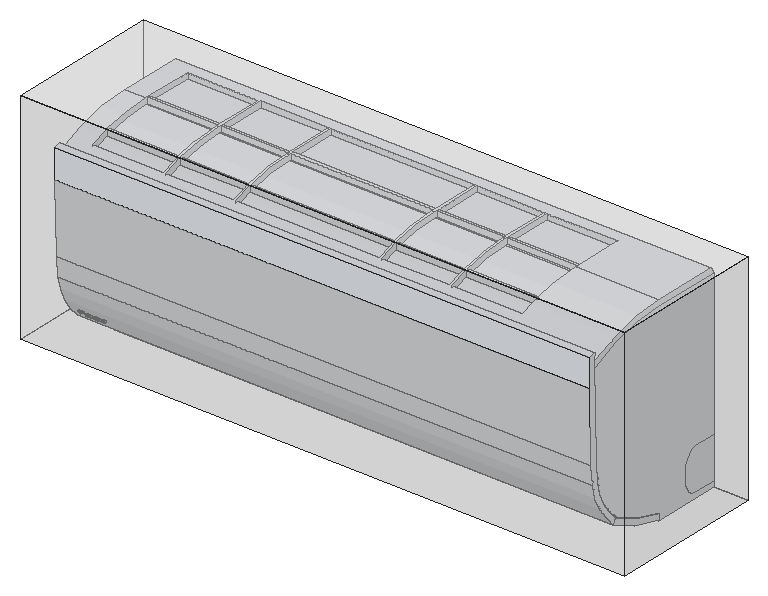
Revit family "outputfile", category 機械設備, Revit 2024
Family settings
  丸型コネクタ寸法 = 半径を使用
  パーツ タイプ = 標準
  OmniClass 番号 = 23.75.10.24.21.27.27
  OmniClass タイトル = Split System Air Conditioning Units
  作業面ベース = いいえ
  常に垂直 = はい
  ロード時にボイドで切り取り = いいえ
  注釈の向きを維持 = いいえ
  共有 = いいえ
  部屋計算ポイント = いいえ
Parameters (values of type "FTKQ60TVM")
  Description = ""
  書き出し IFC クラス(タイプ) = "IfcUnitaryEquipmentType"
  定義済み IFC タイプ(タイプ) = "AIRCONDITIONINGUNIT"
  Cost = 0
  Type Comments = ""
  Keynote = ""
  Type Image = (empty or 0)
  Assembly Code = ""
  w_wall hole = if(Width = 770.0 mm, 48.0 mm, 60.0 mm)  # 48.0 mm
  製造元 = "Daikin"
  モデル = "FTKQ60TVM"
  switch_frequency = yes
  r_Liquid Pipe Size = Liquid Pipe Size / 2  # 3.2 mm
  r_Gas Pipe Size = Gas Pipe Size / 2  # 6.35 mm
  r_Drain Pipe Size = Drain Pipe Size / 2  # 8.0 mm
  lw_powersupply [instance] = if(Width = 770.0 mm, if(or(Rear Right Connection_refrigerant, Bottom Right Connection_refrigerant), 25.0 mm, if(or(Rear Left Connection_refrigerant, Bottom Left Connection_refrigerant), 745.0 mm, 400.0 mm)), if(Width = 990.0 mm, if(or(Rear Right Connection_refrigerant, Bottom Right Connection_refrigerant), 40.0 mm, if(or(Rear Left Connection_refrigerant, Bottom Left Connection_refrigerant), 920.0 mm, 400.0 mm)), if(or(Rear Right Connection_refrigerant, Bottom Right Connection_refrigerant), 40.0 mm, if(or(Rear Left Connection_refrigerant, Bottom Left Connection_refrigerant), 920.0 mm, 400.0 mm))))  # 400.0 mm
  lw_liquidpipe [instance] = if(Width = 770.0 mm, if(or(Rear Right Connection_refrigerant, Bottom Right Connection_refrigerant), 0.0 mm, if(or(Rear Left Connection_refrigerant, Bottom Left Connection_refrigerant), 664.0 mm, 385.0 mm)), if(Width = 990.0 mm, if(or(Rear Right Connection_refrigerant, Bottom Right Connection_refrigerant), 0.0 mm, if(or(Rear Left Connection_refrigerant, Bottom Left Connection_refrigerant), 664.0 mm + (990.0 mm - 770.0 mm), 475.0 mm)), if(or(Rear Right Connection_refrigerant, Bottom Right Connection_refrigerant), 0.0 mm, if(or(Rear Left Connection_refrigerant, Bottom Left Connection_refrigerant), 664.0 mm + (990.0 mm - 770.0 mm), 475.0 mm))))  # 385.0 mm
  lw_gaspipe [instance] = if(Width = 770.0 mm, if(or(Rear Right Connection_refrigerant, Bottom Right Connection_refrigerant), 0.0 mm, if(or(Rear Left Connection_refrigerant, Bottom Left Connection_refrigerant), 675.0 mm, if(Gas Pipe Size = 12.7 mm, 345.0 mm, 335.0 mm))), if(Width = 990.0 mm, if(or(Rear Right Connection_refrigerant, Bottom Right Connection_refrigerant), 10.0 mm, if(or(Rear Left Connection_refrigerant, Bottom Left Connection_refrigerant), 890.0 mm, if(Gas Pipe Size = 15.9 mm, 410.0 mm, 400.0 mm))), if(or(Rear Right Connection_refrigerant, Bottom Right Connection_refrigerant), 10.0 mm, if(or(Rear Left Connection_refrigerant, Bottom Left Connection_refrigerant), 890.0 mm, if(Gas Pipe Size = 15.9 mm, 410.0 mm, 400.0 mm)))))  # 345.0 mm
  lw_drainpipe [instance] = if(Width = 770.0 mm, if(or(Rear Right Connection_refrigerant, Bottom Right Connection_refrigerant), 0.0 mm, if(or(Rear Left Connection_refrigerant, Bottom Left Connection_refrigerant), 770.0 mm - 48.0 mm - 48.0 mm, 440.0 mm)), if(Width = 990.0 mm, if(or(Rear Right Connection_refrigerant, Bottom Right Connection_refrigerant), 0.0 mm, if(or(Rear Left Connection_refrigerant, Bottom Left Connection_refrigerant), 675.0 mm + (990.0 mm - 770.0 mm), 435.0 mm)), if(or(Rear Right Connection_refrigerant, Bottom Right Connection_refrigerant), 0.0 mm, if(or(Rear Left Connection_refrigerant, Bottom Left Connection_refrigerant), 675.0 mm + (990.0 mm - 770.0 mm), 435.0 mm))))  # 440.0 mm
  l_powersupply_length [instance] = if(Width = 770.0 mm, if(Right Connection_refrigerant, 400.0 mm, if(Left Connection_refrigerant, 770.0 mm - 400.0 mm, if(or(Rear Left Connection_refrigerant, Rear Right Connection_refrigerant), 15.0 mm, 40.0 mm))), if(Width = 990.0 mm, if(Right Connection_refrigerant, 400.0 mm, if(Left Connection_refrigerant, 990.0 mm - 400.0 mm, if(or(Rear Left Connection_refrigerant, Rear Right Connection_refrigerant), 15.0 mm, 40.0 mm))), if(Right Connection_refrigerant, 400.0 mm, if(Left Connection_refrigerant, 990.0 mm - 400.0 mm, if(or(Rear Left Connection_refrigerant, Rear Right Connection_refrigerant), 15.0 mm, 40.0 mm)))))  # 400.0 mm
  l_liquidpipe_length [instance] = if(Width = 770.0 mm, if(Right Connection_refrigerant, 433.0 mm, if(Left Connection_refrigerant, 337.0 mm, if(or(Rear Left Connection_refrigerant, Rear Right Connection_refrigerant), 30.0 mm, 50.0 mm))), if(Width = 990.0 mm, if(Right Connection_refrigerant, 535.0 mm, if(Left Connection_refrigerant, 455.0 mm, if(or(Rear Left Connection_refrigerant, Rear Right Connection_refrigerant), 30.0 mm, 50.0 mm))), if(Right Connection_refrigerant, 535.0 mm, if(Left Connection_refrigerant, 455.0 mm, if(or(Rear Left Connection_refrigerant, Rear Right Connection_refrigerant), 30.0 mm, 50.0 mm)))))  # 433.0 mm
  l_gaspipe_length [instance] = if(Width = 770.0 mm, if(Right Connection_refrigerant, if(Gas Pipe Size = 12.7 mm, 393.0 mm, 383.0 mm), if(Left Connection_refrigerant, if(Gas Pipe Size = 12.7 mm, 770.0 mm - 393.0 mm, 770.0 mm - 383.0 mm), if(or(Rear Left Connection_refrigerant, Rear Right Connection_refrigerant), 40.0 mm, 40.0 mm))), if(Width = 990.0 mm, if(Right Connection_refrigerant, if(Gas Pipe Size = 15.9 mm, 470.0 mm, 460.0 mm), if(Left Connection_refrigerant, if(Gas Pipe Size = 15.9 mm, 990.0 mm - 470.0 mm, 990.0 mm - 460.0 mm), if(or(Rear Left Connection_refrigerant, Rear Right Connection_refrigerant), 40.0 mm, 40.0 mm))), if(Right Connection_refrigerant, if(Gas Pipe Size = 15.9 mm, 460.0 mm, 460.0 mm), if(Left Connection_refrigerant, if(Gas Pipe Size = 15.9 mm, 990.0 mm - 460.0 mm, 990.0 mm - 460.0 mm), if(or(Rear Left Connection_refrigerant, Rear Right Connection_refrigerant), 40.0 mm, 40.0 mm)))))  # 393.0 mm
  l_drainpipe_length [instance] = if(Width = 770.0 mm, if(Right Connection_refrigerant, 488.0 mm, if(Left Connection_refrigerant, 282.0 mm, if(or(Rear Left Connection_refrigerant, Rear Right Connection_refrigerant), 15.0 mm, 20.0 mm))), if(Width = 990.0 mm, if(Right Connection_refrigerant, 495.0 mm, if(Left Connection_refrigerant, 495.0 mm, if(or(Rear Left Connection_refrigerant, Rear Right Connection_refrigerant), 15.0 mm, 20.0 mm))), if(Right Connection_refrigerant, 495.0 mm, if(Left Connection_refrigerant, 495.0 mm, if(or(Rear Left Connection_refrigerant, Rear Right Connection_refrigerant), 15.0 mm, 20.0 mm)))))  # 488.0 mm
  h*** = 0.0 mm  # constant formula
  connector_voltage = Voltage_50Hz  # 230 V
  connector_powerinput = [Power Input (Cooling)]  # 2.210 kW
  connector_phase = Phase_50Hz  # 1
  angle_vertical [instance] = if(or(Bottom Left Connection_refrigerant, Bottom Right Connection_refrigerant), 0.00°, 90.00°)  # 90.00°
  angle_horizontal [instance] = if(Right Connection_refrigerant, 90.00°, if(Left Connection_refrigerant, -90.00°, if(or(Rear Left Connection_refrigerant, Rear Right Connection_refrigerant), 180.00°, 0.00°)))  # 90.00°
  Width = 770.0 mm
  Voltage_comment_60Hz = "220-230"
  Voltage_comment_50Hz = "220 - 240"
  Voltage_60Hz = 220 V
  Voltage_50Hz = 230 V
  Version = "ver.1.0"
  Unit Type = "Wall Mounted"
  Unit Mass Weight = 8.00 kg
  Unit Designation [instance] = ""
  Uniclass2015Version = "Products v1.30"
  Uniclass2015Title = "Split coil room air conditioning units"
  Uniclass2015Code = "Pr_70_65_03_86"
  URL = ""
  Total Cooling Capacity [instance] = 0.000 kW
  Sound Pressure Level_M speed (dBA) = 42
  Sound Pressure Level_L speed (dBA) = 37
  Sound Pressure Level_H speed (dBA) = 45
  Sound Power Level_H speed (dB) = 0
  Series = "Single Split_Fan Coil Unit"
  Sensible Cooling Capacity [instance] = 0.000 kW
  Refrigerant Type = "R32"
  Power Input (Cooling) = 2.210 kW
  Phase_60Hz = 1
  Phase_50Hz = 1
  Option Accessory 3 [instance] = ""
  Option Accessory 2 [instance] = ""
  Option Accessory 1 [instance] = ""
  Nominal Cooling Capacity = 6.000 kW
  Minimum Circuit Amps_60Hz = 0.0 A
  Minimum Circuit Amps_50Hz = 0.0 A
  Minimum Airflow = 588.00 m³/h
  Median Airflow = 690.00 m³/h
  Maximum Fuse Amps_60Hz = 0.0 A
  Maximum Fuse Amps_50Hz = 0.0 A
  Maximum Airflow = 792.00 m³/h
  Material_Casing = DAIKIN_ShinyWhite_Casing_indoorunit
  Load Classification = HVAC
  Liquid Pipe Size = 6.4 mm
  Link_Nested Family [instance] = ""
  IfcVersion = ""
  IfcExportType = "AIRCONDITIONINGUNIT"
  IfcExportAs = "IfcUnitaryEquipmentType"
  Height = 285.0 mm
  Heat Exchanger Type = "Cross Fin Coil"
  Gas Pipe Size = 12.7 mm
  Frequency_60Hz = 60 Hz
  Frequency_50Hz = 50 Hz
  Fan Type = "Cross Flow Fan"
  Fan Drive = "-"
  FCU Tag No. [instance] = ""
  Drain Pipe Size = 16.0 mm
  Design Supply Airflow [instance] = 0.00 m³/h
  Depth = 223.0 mm
  既定の高さ = 0.0 mm
  Cooling Entering Wet Bulb Temperature [instance] = 0.00 °C
  Cooling Entering Dry Bulb Temperature [instance] = 0.00 °C
  Cooling Ambient Wet Bulb Temperature [instance] = 0.00 °C
  Cooling Ambient Dry Bulb Temperature [instance] = 0.00 °C
  Clearance visibility [instance] = yes
  Clearance Top = 30.0 mm
  Clearance Right = 50.0 mm
  Clearance Rear = 0.0 mm
  Clearance Left = 50.0 mm
  Clearance Front = 0.0 mm
  Clearance Bottom = 0.0 mm
  Bottom Right Connection_refrigerant [instance] = no
  Bottom Left Connection_refrigerant [instance] = no
  Rear Right Connection_refrigerant [instance] = no
  Rear Left Connection_refrigerant [instance] = no
  Right Connection_refrigerant [instance] = yes
  Left Connection_refrigerant [instance] = no
Reference planes
  plane 1 "Back": y = 0
  plane 2: z = 0
  plane 3 "Center (Left/Right)": x = 0
  plane 4 "Center (Front/Back)": y = -111.5
  plane 5 "Front": y = -223
  plane 6 "Left": x = -385
  plane 7 "Right": x = 385
  plane 8 "Top": z = 0
  plane 9 "Bottom": z = -285
  plane 10: x = -435
  plane 11: x = 435
  plane 12: y = 0
  plane 13: y = -223
  plane 14: z = 30
  plane 15: z = -285
  plane 16 "lw_Piping and Wiring intake": x = 337
  plane 17 "lw_gaspipe": x = -8
  plane 18 "lw_liquidpipe": x = -48
  plane 19 "lw_drainpipe": x = -103
  plane 20 "lh_drainpipe": z = -265
  plane 21 "lh_liquidpipe": z = -235
  plane 22 "lh_gaspipe": z = -245
  plane 23 "ld_drainpipe": y = -15
  plane 24 "ld_liquidpipe": y = -30
  plane 25 "ld_gaspipe": y = -40
  plane 26 "lw_powersupply": x = -15
Dimensions and locks
  equal spacing: plane 6 "Left", plane 3 "Center (Left/Right)", plane 7 "Right"
  "Width": plane 6 "Left" to plane 7 "Right"
  equal spacing: plane 5 "Front", plane 4 "Center (Front/Back)", plane 1 "Back"
  "Depth": plane 5 "Front" to plane 1 "Back"
  "Height": plane 8 "Top" to plane 9 "Bottom"
  "Clearance Rear": plane 12 to plane 1 "Back"
  "Clearance Front": plane 13 to plane 5 "Front"
  "Clearance Top": plane 14 to plane 8 "Top"
  "Clearance Bottom": plane 9 "Bottom" to plane 15
  "w_wall hole": plane 16 "lw_Piping and Wiring intake" to plane 7 "Right"
  "lw_gaspipe": plane 17 "lw_gaspipe" to plane 16 "lw_Piping and Wiring intake"
  "lw_liquidpipe": plane 18 "lw_liquidpipe" to plane 16 "lw_Piping and Wiring intake"
  "lw_drainpipe": plane 19 "lw_drainpipe" to plane 16 "lw_Piping and Wiring intake"
  locked: plane 20 "lh_drainpipe" to plane 9 "Bottom" at 20
  locked: plane 21 "lh_liquidpipe" to plane 9 "Bottom" at 50
  locked: plane 22 "lh_gaspipe" to plane 9 "Bottom" at 40
  locked: plane 23 "ld_drainpipe" to plane 1 "Back" at 15
  locked: plane 1 "Back" to plane 24 "ld_liquidpipe" at 30
  locked: plane 1 "Back" to plane 25 "ld_gaspipe" at 40
  "lw_powersupply": plane 26 "lw_powersupply" to plane 7 "Right"
  "Clearance Left": plane 10 to plane 6 "Left"
  "Clearance Right": plane 7 "Right" to plane 11
  aligned and locked: level to plane 2
  aligned and locked: plane 12 to nested 1
  aligned and locked: nested 1 to plane 13
  aligned and locked: plane 10 to nested 1
  aligned and locked: plane 11 to nested 1
  aligned and locked: plane 15 to nested 1
  aligned and locked: plane 14 to nested 1
  aligned and locked: plane 17 "lw_gaspipe" to nested 2
  aligned and locked: nested 2 to plane 25 "ld_gaspipe"
  aligned and locked: plane 18 "lw_liquidpipe" to nested 3
  aligned and locked: nested 3 to plane 24 "ld_liquidpipe"
  aligned and locked: plane 19 "lw_drainpipe" to nested 4
  aligned and locked: nested 4 to plane 23 "ld_drainpipe"
  aligned and locked: nested 5 to plane 23 "ld_drainpipe"
  aligned and locked: plane 26 "lw_powersupply" to nested 5
  aligned and locked: level to plane 8 "Top"
  aligned and locked: plane 3 "Center (Left/Right)" to nested 6
  aligned and locked: plane 1 "Back" to nested 6
  aligned and locked: plane 8 "Top" to nested 6
Nested families
  nested 1: "daikin_clearancespace" at (0, -111.5, -127.381), show <- "Clearance visibility", visible <- "Clearance visibility", Link_Nested Family <- "Link_Nested Family", type "daikin_clearancespace"
    with width 870.0 mm, show yes, height 315.0 mm, depth 223.0 mm, Link_Nested Family ""
  nested 2: "daikin_connector_rotate3" at (-8, -40, -245), angle_vertical <- "angle_vertical", angle_horizontal <- "angle_horizontal", length <- "l_gaspipe_length", radius <- "r_Gas Pipe Size", type "daikin_connector_rotate3"
    with show no, radius 6.35 mm, length 393.0 mm, angle_vertical 90.00°, angle_horizontal 90.00°
  nested 3: "daikin_connector_rotate3" at (-48, -30, -235), angle_vertical <- "angle_vertical", angle_horizontal <- "angle_horizontal", radius <- "r_Liquid Pipe Size", length <- "l_liquidpipe_length", type "daikin_connector_rotate3"
    with show no, radius 3.2 mm, length 433.0 mm, angle_vertical 90.00°, angle_horizontal 90.00°
  nested 4: "daikin_connector_rotate3" at (-103, -15, -265), angle_vertical <- "angle_vertical", angle_horizontal <- "angle_horizontal", length <- "l_drainpipe_length", radius <- "r_Drain Pipe Size", type "daikin_connector_rotate3"
    with show no, radius 8.0 mm, length 488.0 mm, angle_vertical 90.00°, angle_horizontal 90.00°
  nested 5: "daikin_connector_rotate3" at (-15, -15, -245), angle_vertical <- "angle_vertical", angle_horizontal <- "angle_horizontal", length <- "l_powersupply_length", type "daikin_connector_rotate3"
    with show no, radius 10.0 mm, length 400.0 mm, angle_vertical 90.00°, angle_horizontal 90.00°
  nested 6: "DAIKIN_indoorunit_FTKQ-TVM" at (-31, 0, 0), type "FTKQ-TVM"
    with Width=990 no, Width=770 yes, Width 770.0 mm, WALL HOLE-R 48.0 mm, WALL HOLE Size 65.0 mm, Height 285.0 mm
Connectors
  piping at (385, -40, -245), diameter 12.7, driven by "r_Gas Pipe Size"
    settings: on nested 2, index 1, connector inside diameter 609.6 mm, connector length 0.0 mm, flow factor 0, pipe flow 0.00 m³/h, pressure drop 0.0 Pa, fitting loss kfactor 0, connector angle 0.00°, fixture units 0, engagement length 0.0 mm, angle of deflection 0.00°, flow configuration 1, flow direction 2, fitting loss method 0, system type 29, joint type 0, gender type 0, connector reference index -1, connector utility 0, adjustable connector no, is connector primary yes, connector description "Refrigerant Gas Piping"
  piping at (385, -30, -235), diameter 6.4, driven by "r_Liquid Pipe Size"
    settings: on nested 3, index 2, connector inside diameter 609.6 mm, connector length 0.0 mm, flow factor 0, pipe flow 0.00 m³/h, pressure drop 0.0 Pa, fitting loss kfactor 0, connector angle 0.00°, fixture units 0, engagement length 0.0 mm, angle of deflection 0.00°, flow configuration 1, flow direction 1, fitting loss method 0, system type 29, joint type 0, gender type 0, connector reference index -1, connector utility 0, adjustable connector no, is connector primary no, connector description "Refrigerant Liquid Piping"
  piping at (385, -15, -265), diameter 16, driven by "r_Drain Pipe Size"
    settings: on nested 4, index 3, connector inside diameter 609.6 mm, connector length 0.0 mm, flow factor 0, pipe flow 0.00 m³/h, pressure drop 0.0 Pa, fitting loss kfactor 0, connector angle 0.00°, fixture units 0, engagement length 0.0 mm, angle of deflection 0.00°, flow configuration 1, flow direction 2, fitting loss method 4, system type 16, joint type 0, gender type 0, connector reference index -1, connector utility 0, adjustable connector no, is connector primary no, connector description "Condensate Drain Piping"
  electrical at (385, -15, -245), driven by "Load Classification", driven by "connector_voltage", driven by "connector_phase", driven by "connector_powerinput"
    settings: on nested 5, index 4, voltage 230 V, apparent load 2210 VA, apparent load phase1 0 VA, apparent load phase2 0 VA, apparent load phase3 0 VA, power factor 1, load classification "HVAC", number of poles 1, system type 30, power factor state 1, is connector primary yes, connector utility no, sub classification motor no, connector description "Power Supply"
Definition of nested family "daikin_clearancespace"
  Parameters (values of type "daikin_clearancespace")
    Description = "daikin_clearancespace"
    width [instance] = 1823.963 mm
    show [instance] = yes
    material = none
    height [instance] = 1359.762 mm
    depth [instance] = 880.0 mm
    Default Elevation = 0.0 mm
    Link_Nested Family [instance] = ""
  Reference planes
    plane 1 "Center (Front/Back)": y = 0
    plane 2 "Center (Elevation)": z = -0.119
    plane 3 "Center (Left/Right)": x = 0
    plane 4: y = 440
    plane 5: y = -440
    plane 6 "Right": x = 911.982
    plane 7 "Left": x = -911.982
    plane 8 "Top": z = 679.762
    plane 9 "Bottom": z = -680
  Forms (mm)
    Extrusion 1, solid, material <- "material", visible <- "show"
      sketch origin (0, 0, 0) x (1, 0, 0) y (0, 1, 0)
        loop
          line (-911.982, 440) -> (-911.982, -440) -> (911.982, -440) -> (911.982, 440) -> (-911.982, 440)
      from -680 to 679.762
  Lines and regions (mm)
    symbolic lines, visible <- "show"
      curve 1: line (911.982, 440, 0) -> (-911.982, 440, 0)
      curve 2: line (-911.982, 440, 0) -> (-911.982, -440, 0)
      curve 3: line (-911.982, -440, 0) -> (911.982, -440, 0)
      curve 4: line (911.982, -440, 0) -> (911.982, 440, 0)
      curve 5: line (911.982, 0, 679.762) -> (-911.982, 0, 679.762)
      curve 6: line (911.982, 0, -680) -> (911.982, 0, 679.762)
      curve 7: line (-911.982, 0, -680) -> (911.982, 0, -680)
      curve 8: line (-911.982, 0, 679.762) -> (-911.982, 0, -680)
      curve 9: line (0, 440, 679.762) -> (0, -440, 679.762)
      curve 10: line (0, -440, 679.762) -> (0, -440, -680)
      curve 11: line (0, 440, -680) -> (0, 440, 679.762)
      curve 12: line (0, -440, -680) -> (0, 440, -680)
  Dimensions and locks
    "width": plane 7 "Left" to plane 6 "Right"
    "depth": plane 4 to plane 5
    "height": plane 8 "Top" to plane 9 "Bottom"
    equal spacing: plane 7 "Left", plane 3 "Center (Left/Right)", plane 6 "Right"
    equal spacing: plane 4, plane 1 "Center (Front/Back)", plane 5
    equal spacing: plane 8 "Top", plane 2 "Center (Elevation)", plane 9 "Bottom"
    aligned and locked: level to plane 2 "Center (Elevation)"
    aligned and locked: Extrusion 1 sketch curve to plane 4
    aligned and locked: plane 7 "Left" to Extrusion 1 sketch curve
    aligned and locked: Extrusion 1 sketch curve to plane 5
    aligned and locked: Extrusion 1 sketch curve to plane 6 "Right"
    aligned and locked: plane 8 "Top" to Extrusion 1
    aligned and locked: curve 1 to Extrusion 1
    aligned and locked: curve 2 to Extrusion 1
    aligned and locked: curve 3 to Extrusion 1
    aligned and locked: curve 4 to Extrusion 1
    aligned and locked: curve 5 to Extrusion 1
    aligned and locked: curve 6 to Extrusion 1
    aligned and locked: curve 7 to Extrusion 1
    aligned and locked: curve 8 to Extrusion 1
    aligned and locked: curve 9 to Extrusion 1
    aligned and locked: curve 10 to Extrusion 1
    aligned and locked: curve 11 to Extrusion 1
    aligned and locked: curve 12 to Extrusion 1
    aligned and locked: Extrusion 1 to plane 9 "Bottom"
Definition of nested family "DAIKIN_indoorunit_FTKQ-TVM"
  Parameters (values of type "FTKF-TVMA")
    Width=990 = Width = 990.0 mm  # yes
    Width=770 = Width = 770.0 mm  # no
    Width = 990.0 mm
    WALL HOLE-R = if(Width = 770.0 mm, 48.0 mm, 60.0 mm)  # 60.0 mm
    WALL HOLE Size = if(Width = 770.0 mm, 65.0 mm, 80.0 mm)  # 80.0 mm
    Material_Casing = none
    Height = if(Width = 770.0 mm, 285.0 mm, 295.0 mm)  # 295.0 mm
    Default Elevation = 0.0 mm
  Reference planes
    plane 1 "Center (Front/Back)": y = 0
    plane 2 "reference_level": z = 0
    plane 3 "Center (Left/Right)": x = 31
    plane 4: x = -464
    plane 5: x = 526
    plane 6: z = -295
  Forms (mm)
    Extrusion 1, solid, material <- "Material_Casing", visible <- "Width=770"
      sketch origin (29, 0, 0) x (0, 1, 0) y (0, 0, 1)
        loop
          line (-5, 0) -> (-98, 0)
          arc (-98, 0) -> (-157.611, -7.211) -> (-213.783, -28.427) r 250
          arc (-213.783, -28.427) -> (-213.842, -32.972) -> (-213.892, -37.516) r 2191
          arc (-213.892, -37.516) -> (-157.832, -15.495) -> (-98.07, -8) r 242
          line (-98.07, -8) -> (0, -8) -> (-5, 0)
      from -383 to 387
    Extrusion 2, solid, material <- "Material_Casing", visible <- "Width=770"
      sketch origin (416, 1296.25, 1200) x (0, 1, 0) y (0, 0, 1)
        loop
          line (-1472.998, -1446.91) -> (-1476.998, -1453.839)
          arc (-1476.998, -1453.839) -> (-1437.481, -1472.422) -> (-1395.25, -1483.538) r 240
          line (-1395.25, -1483.538) -> (-1395.25, -1475.422)
          arc (-1395.25, -1475.422) -> (-1435.407, -1464.663) -> (-1472.998, -1446.91) r 232
      from 0 to -47.5
    Extrusion 3, solid, material <- "Material_Casing", visible <- "Width=770"
      sketch origin (29, 0, 0) x (0, 1, 0) y (0, 0, 1)
        loop
          arc (-223, -60.455) -> (-222.414, -110.646) -> (-220.656, -160.81) r 2149.92
          arc (-220.656, -160.81) -> (-219.65, -174.299) -> (-217.853, -187.706) r 229.911
          arc (-217.853, -187.706) -> (-205.371, -223.594) -> (-181.517, -253.17) r 111
          line (-181.517, -253.17) -> (-177.429, -246.093)
          arc (-177.429, -246.093) -> (-198.77, -218.989) -> (-209.965, -186.36) r 103
          arc (-209.965, -186.36) -> (-211.681, -173.586) -> (-212.651, -160.735) r 221.844
          arc (-212.651, -160.735) -> (-214.739, -93.233) -> (-214.74, -25.699) r 2186.828
          arc (-214.74, -25.699) -> (-214.671, -21.467) -> (-214.594, -17.235) r 2192
          line (-214.594, -17.235) -> (-223, -19.961) -> (-223, -60.455)
      from -383 to 387
    Extrusion 4, solid, material <- "Material_Casing", visible <- "Width=770"
      sketch origin (29, 0, -20) x (0, 1, 0) y (0, 0, 1)
        loop
          line (0, -265) -> (0, 12) -> (-98.07, 12)
          arc (-98.07, 12) -> (-157.832, 4.505) -> (-213.892, -17.516) r 242
          arc (-213.892, -17.516) -> (-213.638, -79.114) -> (-211.653, -140.681) r 2191
          arc (-211.653, -140.681) -> (-210.685, -153.501) -> (-208.973, -166.243) r 221
          arc (-208.973, -166.243) -> (-197.471, -199.282) -> (-175.482, -226.491) r 102
          arc (-175.482, -226.491) -> (-138.004, -244.019) -> (-98, -254.579) r 231
          line (-98, -254.579) -> (-98, -265) -> (0, -265)
      from -383 to 387
    Extrusion 5, solid, material <- "Material_Casing", visible <- "Width=770"
      sketch origin (-354, 1296.25, 1200) x (0, 1, 0) y (0, 0, 1)
        loop
          line (-1472.998, -1446.91) -> (-1476.998, -1453.839)
          arc (-1476.998, -1453.839) -> (-1437.481, -1472.422) -> (-1395.25, -1483.538) r 240
          line (-1395.25, -1483.538) -> (-1395.25, -1475.422)
          arc (-1395.25, -1475.422) -> (-1435.407, -1464.663) -> (-1472.998, -1446.91) r 232
      from 47 to 0
    Extrusion 6, solid, material <- "Material_Casing", visible <- "Width=770"
      sketch origin (416, 1296.25, 1200) x (0, 1, 0) y (0, 0, 1)
        loop
          line (-1472.998, -1446.91) -> (-1476.998, -1453.839)
          arc (-1476.998, -1453.839) -> (-1443.437, -1470.168) -> (-1407.75, -1481.097) r 240
          line (-1407.75, -1481.097) -> (-1407.75, -1472.894)
          arc (-1407.75, -1472.894) -> (-1441.363, -1462.385) -> (-1472.998, -1446.91) r 232
      from -116.993 to -48.493
    Extrusion 7, solid, material <- "Material_Casing", visible <- "Width=770"
      sketch origin (416, 1296.25, 1200) x (0, 1, 0) y (0, 0, 1)
        loop
          line (-1472.998, -1446.91) -> (-1476.998, -1453.839)
          arc (-1476.998, -1453.839) -> (-1443.437, -1470.168) -> (-1407.75, -1481.097) r 240
          line (-1407.75, -1481.097) -> (-1407.75, -1472.894)
          arc (-1407.75, -1472.894) -> (-1441.363, -1462.385) -> (-1472.998, -1446.91) r 232
      from -717 to -121.993
    Extrusion 8, void
      sketch origin (31, 0, -235) x (1, 0, 0) y (0, 1, 0)
        loop
          line (-252.674, -22.316) -> (-354.941, -22.316) -> (-354.941, -91.341) -> (-252.674, -91.341) -> (-252.674, -22.316)
        loop
          line (-249.341, -91.341) -> (-151.574, -91.341) -> (-151.574, -22.316) -> (-249.341, -22.316) -> (-249.341, -91.341)
        loop
          line (58.309, -22.316) -> (-148.309, -22.316) -> (-148.309, -91.341) -> (58.309, -91.341) -> (58.309, -22.316)
        loop
          line (61.689, -22.316) -> (61.689, -91.341) -> (159.457, -91.341) -> (159.457, -22.316) -> (61.689, -22.316)
        loop
          line (162.789, -22.316) -> (162.789, -91.341) -> (265.057, -91.341) -> (265.057, -22.316) -> (162.789, -22.316)
        loop
          line (-354.941, -94.659) -> (-354.941, -165.259) -> (-252.674, -165.259) -> (-252.674, -94.659) -> (-354.941, -94.659)
        loop
          line (-249.341, -94.659) -> (-249.341, -165.259) -> (-151.574, -165.259) -> (-151.574, -94.659) -> (-249.341, -94.659)
        loop
          line (-148.309, -94.659) -> (-148.309, -165.259) -> (58.309, -165.259) -> (58.309, -94.659) -> (-148.309, -94.659)
        loop
          line (61.689, -94.659) -> (61.689, -165.259) -> (159.457, -165.259) -> (159.457, -94.659) -> (61.689, -94.659)
        loop
          line (162.789, -94.659) -> (162.789, -165.259) -> (265.057, -165.259) -> (265.057, -94.659) -> (162.789, -94.659)
        loop
          line (-354.941, -167.382) -> (-354.941, -192.681) -> (-252.674, -192.681) -> (-252.674, -167.382) -> (-354.941, -167.382)
        loop
          line (-249.341, -167.382) -> (-249.341, -192.681) -> (-151.574, -192.681) -> (-151.574, -167.382) -> (-249.341, -167.382)
        loop
          line (-148.309, -167.382) -> (-148.309, -192.681) -> (58.309, -192.681) -> (58.309, -167.382) -> (-148.309, -167.382)
        loop
          line (159.457, -167.382) -> (61.689, -167.382) -> (61.689, -192.681) -> (159.457, -192.681) -> (159.457, -167.382)
        loop
          line (265.057, -167.382) -> (162.789, -167.382) -> (162.789, -192.681) -> (265.057, -192.681) -> (265.057, -167.382)
      from 201.638 to 250
    Extrusion 9, solid, material <- "Material_Casing"
      sketch origin (31, 0, 0) x (1, 0, 0) y (0, 0, 1)
        loop
          circle (435, -250.5) r 40
        loop
          circle (-447, -250.5) r 40
      from 0 to 5
    Extrusion 10, solid, material <- "Material_Casing", visible <- "Width=770"
      sketch origin (416, 1296.25, 1200) x (0, -1, 0) y (0, 0, 1)
        loop
          line (1326.25, -1417) -> (1296.25, -1417) -> (1296.25, -1477) -> (1326.25, -1477)
          arc (1326.25, -1477) -> (1340.393, -1471.142) -> (1346.25, -1457) r 20
          line (1346.25, -1457) -> (1346.25, -1437)
          arc (1346.25, -1437) -> (1340.393, -1422.858) -> (1326.25, -1417) r 20
      from 0 to 5
    Extrusion 11, solid, material <- "Material_Casing", visible <- "Width=770"
      sketch origin (-354, 1296.25, 1200) x (0, 1, 0) y (0, 0, 1)
        loop
          line (-1296.25, -1417) -> (-1326.25, -1417)
          arc (-1326.25, -1417) -> (-1340.393, -1422.858) -> (-1346.25, -1437) r 20
          line (-1346.25, -1437) -> (-1346.25, -1457)
          arc (-1346.25, -1457) -> (-1340.393, -1471.142) -> (-1326.25, -1477) r 20
          line (-1326.25, -1477) -> (-1296.25, -1477) -> (-1296.25, -1417)
      from 0 to 5
    Extrusion 12, solid, material <- "Material_Casing", visible <- "Width=770"
      sketch origin (31, 0, -285) x (-1, 0, 0) y (0, -1, 0)
        loop
          line (-314, 0) -> (-314, 30)
          arc (-314, 30) -> (-319.858, 44.142) -> (-334, 50) r 20
          line (-334, 50) -> (-354, 50)
          arc (-354, 50) -> (-368.142, 44.142) -> (-374, 30) r 20
          line (-374, 30) -> (-374, 0) -> (-314, 0)
        loop
          line (374, 0) -> (374, 30)
          arc (374, 30) -> (368.142, 44.142) -> (354, 50) r 20
          line (354, 50) -> (334, 50)
          arc (334, 50) -> (319.858, 44.142) -> (314, 30) r 20
          line (314, 30) -> (314, 0) -> (374, 0)
      from 0 to 5
    Extrusion 13, solid, material <- "Material_Casing", visible <- "Width=990"
      sketch origin (31, 0, 0) x (0, 1, 0) y (0, 0, 1)
        loop
          line (-5, 0) -> (-138, 0)
          arc (-138, 0) -> (-197.611, -7.211) -> (-253.783, -28.427) r 250
          arc (-253.783, -28.427) -> (-253.838, -32.687) -> (-253.886, -36.946) r 2191
          arc (-253.886, -36.946) -> (-197.73, -15.346) -> (-138.014, -8) r 246.393
          line (-138.014, -8) -> (0, -8) -> (-5, 0)
      from -495 to 495
    Extrusion 14, solid, material <- "Material_Casing", visible <- "Width=990"
      sketch origin (418, 1296.25, 1200) x (0, 1, 0) y (0, 0, 1)
        loop
          arc (-1515.208, -1454.149) -> (-1506.856, -1460.599) -> (-1497.925, -1466.219) r 110
          arc (-1497.925, -1466.219) -> (-1445.718, -1487.493) -> (-1389.844, -1494.995) r 223
          line (-1389.844, -1494.995) -> (-1389.844, -1486.086) -> (-1404.386, -1486.086)
          arc (-1404.386, -1486.086) -> (-1449.542, -1477.46) -> (-1491.818, -1459.402) r 214.289
          arc (-1491.818, -1459.402) -> (-1501.056, -1453.541) -> (-1509.606, -1446.715) r 101
          line (-1509.606, -1446.715) -> (-1515.208, -1454.149)
      from 108 to 57.5
    Extrusion 15, solid, material <- "Material_Casing", visible <- "Width=990"
      sketch origin (31, 0, 0) x (0, 1, 0) y (0, 0, 1)
        loop
          line (-263, -19.962) -> (-263, -61.6)
          arc (-263, -61.6) -> (-262.414, -110.219) -> (-260.656, -158.81) r 2017.341
          arc (-260.656, -158.81) -> (-255.648, -191.935) -> (-244.041, -223.362) r 164.725
          arc (-244.041, -223.362) -> (-233.569, -239.793) -> (-219.717, -253.495) r 87.379
          line (-219.717, -253.495) -> (-214.706, -246.846)
          arc (-214.706, -246.846) -> (-229.564, -230.029) -> (-240.385, -210.371) r 102
          arc (-240.385, -210.371) -> (-249.049, -182.962) -> (-252.848, -154.467) r 165.789
          arc (-252.848, -154.467) -> (-254.771, -90.102) -> (-254.74, -25.708) r 2122.533
          arc (-254.74, -25.708) -> (-254.671, -21.469) -> (-254.594, -17.23) r 2192
          line (-254.594, -17.23) -> (-263, -19.962)
      from -495 to 495
    Extrusion 16, void
      sketch origin (33, 0, 0) x (1, 0, 0) y (0, 1, 0)
        loop
          line (-466.909, -22.316) -> (-466.909, -111.341) -> (-366.303, -111.341) -> (-366.303, -22.316) -> (-466.909, -22.316)
        loop
          line (-362.71, -22.316) -> (-362.71, -111.341) -> (-262.103, -111.341) -> (-262.103, -22.316) -> (-362.71, -22.316)
        loop
          line (-258.51, -22.316) -> (-258.51, -111.341) -> (-157.904, -111.341) -> (-157.904, -22.316) -> (-258.51, -22.316)
        loop
          line (-154.31, -22.316) -> (-154.31, -111.341) -> (-53.704, -111.341) -> (-53.704, -22.316) -> (-154.31, -22.316)
        loop
          line (-50.11, -22.316) -> (-50.11, -111.341) -> (50.496, -111.341) -> (50.496, -22.316) -> (-50.11, -22.316)
        loop
          line (54.089, -22.316) -> (54.089, -111.341) -> (154.696, -111.341) -> (154.696, -22.316) -> (54.089, -22.316)
        loop
          line (158.289, -22.316) -> (158.289, -111.341) -> (258.895, -111.341) -> (258.895, -22.316) -> (158.289, -22.316)
        loop
          line (262.489, -22.316) -> (262.489, -111.341) -> (363.095, -111.341) -> (363.095, -22.316) -> (262.489, -22.316)
        loop
          line (-466.909, -114.459) -> (-466.909, -185.059) -> (-366.303, -185.059) -> (-366.303, -114.459) -> (-466.909, -114.459)
        loop
          line (-362.71, -114.459) -> (-362.71, -185.059) -> (-262.103, -185.059) -> (-262.103, -114.459) -> (-362.71, -114.459)
        loop
          line (-258.51, -114.459) -> (-258.51, -185.059) -> (-157.904, -185.059) -> (-157.904, -114.459) -> (-258.51, -114.459)
        loop
          line (-154.31, -114.459) -> (-154.31, -185.059) -> (-53.704, -185.059) -> (-53.704, -114.459) -> (-154.31, -114.459)
        loop
          line (-50.11, -114.459) -> (-50.11, -185.059) -> (50.496, -185.059) -> (50.496, -114.459) -> (-50.11, -114.459)
        loop
          line (54.089, -114.459) -> (54.089, -185.059) -> (154.696, -185.059) -> (154.696, -114.459) -> (54.089, -114.459)
        loop
          line (158.289, -114.459) -> (158.289, -185.059) -> (258.895, -185.059) -> (258.895, -114.459) -> (158.289, -114.459)
        loop
          line (262.489, -114.459) -> (262.489, -185.059) -> (363.095, -185.059) -> (363.095, -114.459) -> (262.489, -114.459)
        loop
          line (-466.909, -187.382) -> (-466.909, -232.681) -> (-366.303, -232.681) -> (-366.303, -187.382) -> (-466.909, -187.382)
        loop
          line (-362.71, -187.382) -> (-362.71, -232.681) -> (-262.103, -232.681) -> (-262.103, -187.382) -> (-362.71, -187.382)
        loop
          line (-258.51, -187.382) -> (-258.51, -232.681) -> (-157.904, -232.681) -> (-157.904, -187.382) -> (-258.51, -187.382)
        loop
          line (-154.31, -187.382) -> (-154.31, -232.681) -> (-53.704, -232.681) -> (-53.704, -187.382) -> (-154.31, -187.382)
        loop
          line (-50.11, -187.382) -> (-50.11, -232.681) -> (50.496, -232.681) -> (50.496, -187.382) -> (-50.11, -187.382)
        loop
          line (54.089, -187.382) -> (54.089, -232.681) -> (154.696, -232.681) -> (154.696, -187.382) -> (54.089, -187.382)
        loop
          line (158.289, -187.382) -> (158.289, -232.681) -> (258.895, -232.681) -> (258.895, -187.382) -> (158.289, -187.382)
        loop
          line (262.489, -187.382) -> (262.489, -232.681) -> (363.095, -232.681) -> (363.095, -187.382) -> (262.489, -187.382)
      from -40.013 to 47.268
    Extrusion 17, solid, material <- "Material_Casing", visible <- "Width=990"
      sketch origin (-356, 1296.25, 1200) x (0, 1, 0) y (0, 0, -1)
        loop
          line (-1515.208, 1454.149) -> (-1509.606, 1446.715)
          arc (-1509.606, 1446.715) -> (-1501.056, 1453.541) -> (-1491.818, 1459.402) r 101
          arc (-1491.818, 1459.402) -> (-1449.542, 1477.46) -> (-1404.386, 1486.086) r 214.289
          line (-1404.386, 1486.086) -> (-1389.844, 1486.086) -> (-1389.844, 1494.995)
          arc (-1389.844, 1494.995) -> (-1445.718, 1487.493) -> (-1497.925, 1466.219) r 223
          arc (-1497.925, 1466.219) -> (-1506.856, 1460.599) -> (-1515.208, 1454.149) r 110
      from 108 to 61
    Extrusion 18, solid, material <- "Material_Casing", visible <- "Width=990"
      sketch origin (418, 1296.25, 1200) x (0, 1, 0) y (0, 0, 1)
        loop
          arc (-1515.208, -1454.149) -> (-1506.856, -1460.599) -> (-1497.925, -1466.219) r 110
          arc (-1497.925, -1466.219) -> (-1463.185, -1482.066) -> (-1426.25, -1491.755) r 223
          line (-1426.25, -1491.755) -> (-1426.25, -1483.166)
          arc (-1426.25, -1483.166) -> (-1460.008, -1473.969) -> (-1491.818, -1459.402) r 214.289
          arc (-1491.818, -1459.402) -> (-1501.056, -1453.541) -> (-1509.606, -1446.715) r 101
          line (-1509.606, -1446.715) -> (-1515.208, -1454.149)
      from 56.5 to -36.993
    Extrusion 19, solid, material <- "Material_Casing", visible <- "Width=990"
      sketch origin (418, 1296.25, 1200) x (0, 1, 0) y (0, 0, 1)
        loop
          arc (-1426.25, -1483.166) -> (-1443.442, -1479.224) -> (-1460.25, -1473.881) r 214.289
          line (-1460.25, -1473.881) -> (-1460.25, -1483.089)
          arc (-1460.25, -1483.089) -> (-1443.421, -1488.091) -> (-1426.25, -1491.755) r 223
          line (-1426.25, -1491.755) -> (-1426.25, -1483.166)
      from -43.493 to -828.893
    Extrusion 20, solid, material <- "Material_Casing", visible <- "Width=990"
      sketch origin (418, 1296.25, 1200) x (0, 1, 0) y (0, 0, 1)
        loop
          arc (-1515.208, -1454.149) -> (-1506.856, -1460.599) -> (-1497.925, -1466.219) r 110
          arc (-1497.925, -1466.219) -> (-1479.479, -1475.527) -> (-1460.25, -1483.089) r 223
          line (-1460.25, -1483.089) -> (-1460.25, -1473.881)
          arc (-1460.25, -1473.881) -> (-1476.328, -1467.282) -> (-1491.818, -1459.402) r 214.289
          arc (-1491.818, -1459.402) -> (-1501.056, -1453.541) -> (-1509.606, -1446.715) r 101
          line (-1509.606, -1446.715) -> (-1515.208, -1454.149)
      from -43.493 to -828.893
    Extrusion 21, solid, material <- "Material_Casing", visible <- "Width=990"
      sketch origin (31, 0, -30) x (0, 1, 0) y (0, 0, 1)
        loop
          line (0, 22) -> (-138.014, 22)
          arc (-138.014, 22) -> (-197.73, 14.654) -> (-253.886, -6.946) r 246.393
          arc (-253.886, -6.946) -> (-253.682, -65.635) -> (-251.855, -124.295) r 2120.935
          arc (-251.855, -124.295) -> (-248.086, -152.682) -> (-239.461, -179.988) r 164.789
          arc (-239.461, -179.988) -> (-228.903, -199.231) -> (-214.437, -215.738) r 101
          line (-214.437, -215.738) -> (-212.406, -216.221)
          arc (-212.406, -216.221) -> (-204.07, -222.837) -> (-195.079, -228.53) r 100
          arc (-195.079, -228.53) -> (-145.557, -248.629) -> (-92.593, -255.785) r 213.289
          line (-92.593, -255.785) -> (-92.593, -265) -> (0, -265) -> (0, 22)
      from -495 to 495
    Extrusion 22, solid, material <- "Material_Casing", visible <- "Width=990"
      sketch origin (526, 1296.25, 1200) x (0, -1, 0) y (0, 0, 1)
        loop
          line (1326.25, -1427.035) -> (1296.25, -1427.035) -> (1296.25, -1487.035) -> (1326.25, -1487.035)
          arc (1326.25, -1487.035) -> (1340.393, -1481.177) -> (1346.25, -1467.035) r 20
          line (1346.25, -1467.035) -> (1346.25, -1447.035)
          arc (1346.25, -1447.035) -> (1340.393, -1432.892) -> (1326.25, -1427.035) r 20
      from 0 to 5
    Extrusion 23, solid, material <- "Material_Casing", visible <- "Width=990"
      sketch origin (-459, 1296.25, 1200) x (0, -1, 0) y (0, 0, 1)
        loop
          line (1326.25, -1427.035) -> (1296.25, -1427.035) -> (1296.25, -1487.035) -> (1326.25, -1487.035)
          arc (1326.25, -1487.035) -> (1340.393, -1481.177) -> (1346.25, -1467.035) r 20
          line (1346.25, -1467.035) -> (1346.25, -1447.035)
          arc (1346.25, -1447.035) -> (1340.393, -1432.892) -> (1326.25, -1427.035) r 20
      from 0 to 5
    Extrusion 24, solid, material <- "Material_Casing", visible <- "Width=990"
      sketch origin (31, 200, -295) x (-1, 0, 0) y (0, -1, 0)
        loop
          line (469, 200) -> (469, 230)
          arc (469, 230) -> (463.142, 244.142) -> (449, 250) r 20
          line (449, 250) -> (429, 250)
          arc (429, 250) -> (414.858, 244.142) -> (409, 230) r 20
          line (409, 230) -> (409, 200) -> (469, 200)
        loop
          line (-469, 200) -> (-409, 200) -> (-409, 230)
          arc (-409, 230) -> (-414.858, 244.142) -> (-429, 250) r 20
          line (-429, 250) -> (-449, 250)
          arc (-449, 250) -> (-463.142, 244.142) -> (-469, 230) r 20
          line (-469, 230) -> (-469, 200)
      from 0 to 5
  Cuts and joins
    Extrusion 8 cuts Extrusion 1
    Extrusion 16 cuts Extrusion 13
  Lines and regions (mm)
    reference lines
      curve 1: line (-523, -201.911, -229.404) -> (-523, -193.542, -239.977)
      curve 2: line (-523, -240.779, -229.404) -> (-523, -232.411, -239.977)
  Dimensions and locks
    locked: Extrusion 10 sketch curve to Extrusion 10 sketch curve at 60
    locked: Extrusion 10 sketch curve to Extrusion 10 sketch curve at 50
    locked: Extrusion 12 sketch curve to Extrusion 12 sketch curve at 60  (x2)
    locked: Extrusion 12 sketch curve to Extrusion 12 sketch curve at 50
    equal spacing: plane 5, plane 3 "Center (Left/Right)", plane 4
    "Width": plane 5 to plane 4
    locked: Extrusion 9 sketch curve to plane 4 at 48
    "WALL HOLE-R": plane 5 to Extrusion 9 sketch curve
    "Height": plane 2 "reference_level" to plane 6
    locked: Extrusion 9 sketch curve to plane 6 at 44.5  (x2)
    locked: Extrusion 15 to nested 2 at 15
    locked: Extrusion 22 sketch curve to Extrusion 22 sketch curve at 60
    locked: Extrusion 22 sketch curve to Extrusion 22 sketch curve at 50
    locked: Extrusion 23 sketch curve to Extrusion 23 sketch curve at 60
    locked: Extrusion 23 sketch curve to Extrusion 23 sketch curve at 50
    locked: Extrusion 24 sketch curve to Extrusion 24 sketch curve at 60  (x2)
    locked: Extrusion 24 sketch curve to Extrusion 24 sketch curve at 50  (x2)
    "WALL HOLE Size": diameter of Extrusion 9 sketch curve  (x2)
    aligned and locked: level to plane 2 "reference_level"
    aligned and locked: nested 1 to curve 1
    aligned and locked: Extrusion 11 sketch curve to Extrusion 10  (x4)
    aligned and locked: Extrusion 12 sketch curve to Extrusion 12 sketch curve  (x2)
    aligned and locked: Extrusion 9 to plane 1 "Center (Front/Back)"
    aligned and locked: nested 2 to curve 2
  Automatic sketch dimensions
    curve 1 to level = 239.977 mm
    plane 1 "Center (Front/Back)" to curve 1 = 193.542 mm
    curve 2 to curve 1 = 0.0 mm
    curve 2 to curve 2 = 10.573 mm
    curve 1 to curve 1 = 10.573 mm
    curve 1 to curve 1 = 8.368 mm
    curve 1 to curve 2 = 30.5 mm
    curve 2 to curve 2 = 8.368 mm
    Extrusion 1 sketch curve to level = 0.0 mm
    Extrusion 1 sketch curve to plane 1 "Center (Front/Back)" = 0.0 mm
    plane 1 "Center (Front/Back)" to Extrusion 1 sketch curve = 5.0 mm
    plane 1 "Center (Front/Back)" to Extrusion 1 sketch curve = 98.0 mm
    Extrusion 1 sketch curve to Extrusion 1 sketch curve = 0.07 mm
    Extrusion 1 sketch curve to level = 59.292 mm
    Extrusion 1 sketch curve to plane 1 "Center (Front/Back)" = 1977.0 mm
    Extrusion 1 sketch curve to level = 250.0 mm
    Extrusion 1 sketch curve to Extrusion 1 sketch curve = 0.0 mm
    Extrusion 1 sketch curve to level = 8.0 mm
    Extrusion 1 sketch curve to level = 28.427 mm
    plane 1 "Center (Front/Back)" to Extrusion 2 sketch curve = 180.748 mm
    Extrusion 2 sketch curve to Extrusion 2 sketch curve = 4.0 mm
    Extrusion 2 sketch curve to Extrusion 2 sketch curve = 77.747 mm
    plane 1 "Center (Front/Back)" to Extrusion 2 sketch curve = 59.279 mm
    Extrusion 2 sketch curve to Extrusion 2 sketch curve = 0.0 mm
    Extrusion 2 sketch curve to level = 283.538 mm
    Extrusion 2 sketch curve to Extrusion 2 sketch curve = 8.116 mm
    Extrusion 2 sketch curve to Extrusion 2 sketch curve = 21.583 mm
    Extrusion 2 sketch curve to Extrusion 2 sketch curve = 6.929 mm
    Extrusion 3 sketch curve to level = 19.961 mm
    plane 1 "Center (Front/Back)" to Extrusion 3 sketch curve = 223.0 mm
    Extrusion 3 sketch curve to level = 17.235 mm
    Extrusion 3 sketch curve to Extrusion 3 sketch curve = 8.406 mm
    plane 1 "Center (Front/Back)" to Extrusion 3 sketch curve = 181.517 mm
    Extrusion 3 sketch curve to Extrusion 3 sketch curve = 4.087 mm
    Extrusion 3 sketch curve to Extrusion 3 sketch curve = 69.11 mm
    Extrusion 3 sketch curve to Extrusion 3 sketch curve = 0.001 mm
    Extrusion 3 sketch curve to plane 1 "Center (Front/Back)" = 8.955 mm
    Extrusion 3 sketch curve to Extrusion 3 sketch curve = 0.067 mm
    Extrusion 3 sketch curve to level = 60.455 mm
    Extrusion 3 sketch curve to Extrusion 3 sketch curve = 1917.898 mm
    Extrusion 3 sketch curve to Extrusion 3 sketch curve = 44.907 mm
    Extrusion 3 sketch curve to Extrusion 3 sketch curve = 5.172 mm
    Extrusion 3 sketch curve to level = 150.456 mm
    Extrusion 3 sketch curve to Extrusion 3 sketch curve = 0.006 mm
    Extrusion 3 sketch curve to Extrusion 3 sketch curve = 19.265 mm
    Extrusion 3 sketch curve to Extrusion 3 sketch curve = 0.004 mm
    Extrusion 3 sketch curve to Extrusion 3 sketch curve = 76.368 mm
    Extrusion 3 sketch curve to Extrusion 3 sketch curve = 7.077 mm
    Extrusion 3 sketch curve to Extrusion 3 sketch curve = 1.002 mm
    Extrusion 3 sketch curve to Extrusion 3 sketch curve = 0.046 mm
    Extrusion 3 sketch curve to Extrusion 3 sketch curve = 8.005 mm
    Extrusion 3 sketch curve to Extrusion 3 sketch curve = 0.147 mm
    Extrusion 3 sketch curve to Extrusion 3 sketch curve = 0.0 mm
    Extrusion 4 sketch curve to plane 1 "Center (Front/Back)" = 0.0 mm
    plane 1 "Center (Front/Back)" to Extrusion 4 sketch curve = 59.278 mm
    Extrusion 4 sketch curve to Extrusion 4 sketch curve = 98.0 mm
    Extrusion 4 sketch curve to Extrusion 4 sketch curve = 0.0 mm  (x3)
    Extrusion 4 sketch curve to level = 8.0 mm
    Extrusion 4 sketch curve to Extrusion 4 sketch curve = 38.791 mm
    Extrusion 4 sketch curve to Extrusion 4 sketch curve = 10.249 mm
    Extrusion 4 sketch curve to plane 1 "Center (Front/Back)" = 9.11 mm
    Extrusion 4 sketch curve to level = 59.292 mm
    Extrusion 4 sketch curve to Extrusion 4 sketch curve = 1967.89 mm
    Extrusion 4 sketch curve to Extrusion 4 sketch curve = 142.454 mm
    Extrusion 4 sketch curve to Extrusion 4 sketch curve = 19.271 mm
    Extrusion 4 sketch curve to Extrusion 4 sketch curve = 80.275 mm
    Extrusion 4 sketch curve to Extrusion 4 sketch curve = 24.579 mm
    Extrusion 4 sketch curve to Extrusion 4 sketch curve = 10.421 mm
    Extrusion 4 sketch curve to level = 46.847 mm
    Extrusion 4 sketch curve to Extrusion 4 sketch curve = 77.412 mm
    Extrusion 4 sketch curve to Extrusion 4 sketch curve = 33.49 mm
    Extrusion 4 sketch curve to Extrusion 4 sketch curve = 2.68 mm
    plane 1 "Center (Front/Back)" to Extrusion 5 sketch curve = 180.748 mm
    Extrusion 5 sketch curve to Extrusion 5 sketch curve = 4.0 mm
    Extrusion 5 sketch curve to Extrusion 5 sketch curve = 77.747 mm
    plane 1 "Center (Front/Back)" to Extrusion 5 sketch curve = 59.279 mm
    Extrusion 5 sketch curve to Extrusion 5 sketch curve = 0.0 mm
    Extrusion 5 sketch curve to level = 283.538 mm
    Extrusion 5 sketch curve to Extrusion 5 sketch curve = 8.116 mm
    Extrusion 5 sketch curve to Extrusion 5 sketch curve = 21.583 mm
    Extrusion 5 sketch curve to Extrusion 5 sketch curve = 6.929 mm
    plane 1 "Center (Front/Back)" to Extrusion 6 sketch curve = 180.748 mm
    Extrusion 6 sketch curve to Extrusion 6 sketch curve = 4.0 mm
    Extrusion 6 sketch curve to Extrusion 6 sketch curve = 65.247 mm
    plane 1 "Center (Front/Back)" to Extrusion 6 sketch curve = 59.279 mm
    Extrusion 6 sketch curve to Extrusion 6 sketch curve = 0.0 mm
    Extrusion 6 sketch curve to level = 281.097 mm
    Extrusion 6 sketch curve to Extrusion 6 sketch curve = 8.203 mm
    Extrusion 6 sketch curve to Extrusion 6 sketch curve = 19.055 mm
    Extrusion 6 sketch curve to Extrusion 6 sketch curve = 6.929 mm
    plane 1 "Center (Front/Back)" to Extrusion 7 sketch curve = 180.748 mm
    Extrusion 7 sketch curve to Extrusion 7 sketch curve = 4.0 mm
    Extrusion 7 sketch curve to Extrusion 7 sketch curve = 65.247 mm
    plane 1 "Center (Front/Back)" to Extrusion 7 sketch curve = 59.279 mm
    Extrusion 7 sketch curve to Extrusion 7 sketch curve = 0.0 mm
    Extrusion 7 sketch curve to level = 281.097 mm
    Extrusion 7 sketch curve to Extrusion 7 sketch curve = 8.203 mm
    Extrusion 7 sketch curve to Extrusion 7 sketch curve = 19.055 mm
    Extrusion 7 sketch curve to Extrusion 7 sketch curve = 6.929 mm
    plane 1 "Center (Front/Back)" to Extrusion 8 sketch curve = 165.259 mm  (x2)
    Extrusion 8 sketch curve to plane 3 "Center (Left/Right)" = 354.941 mm
    plane 1 "Center (Front/Back)" to Extrusion 8 sketch curve = 22.316 mm  (x3)
    Extrusion 8 sketch curve to Extrusion 8 sketch curve = 0.0 mm  (x26)
    Extrusion 8 sketch curve to Extrusion 8 sketch curve = 102.268 mm  (x2)
    Extrusion 8 sketch curve to Extrusion 8 sketch curve = 3.332 mm  (x4)
    Extrusion 8 sketch curve to Extrusion 8 sketch curve = 97.768 mm  (x2)
    Extrusion 8 sketch curve to Extrusion 8 sketch curve = 3.264 mm  (x3)
    plane 3 "Center (Left/Right)" to Extrusion 8 sketch curve = 58.309 mm
    Extrusion 8 sketch curve to Extrusion 8 sketch curve = 3.38 mm  (x3)
    Extrusion 8 sketch curve to Extrusion 8 sketch curve = 2.124 mm  (x6)
    Extrusion 8 sketch curve to Extrusion 8 sketch curve = 25.299 mm  (x2)
    Extrusion 8 sketch curve to Extrusion 8 sketch curve = 70.6 mm
    Extrusion 8 sketch curve to Extrusion 8 sketch curve = 3.317 mm  (x4)
    Extrusion 10 sketch curve to plane 1 "Center (Front/Back)" = 0.0 mm
    Extrusion 10 sketch curve to Extrusion 10 sketch curve = 20.0 mm  (x2)
    Extrusion 10 sketch curve to level = 277.0 mm
    plane 1 "Center (Front/Back)" to Extrusion 12 sketch curve = 0.0 mm
    plane 3 "Center (Left/Right)" to Extrusion 12 sketch curve = 374.0 mm
    Extrusion 12 sketch curve to Extrusion 12 sketch curve = 20.0 mm  (x3)
    plane 1 "Center (Front/Back)" to Extrusion 12 sketch curve = 30.0 mm
    Extrusion 12 sketch curve to plane 3 "Center (Left/Right)" = 314.0 mm
    Extrusion 13 sketch curve to level = 0.0 mm
    Extrusion 13 sketch curve to plane 1 "Center (Front/Back)" = 0.0 mm
    plane 1 "Center (Front/Back)" to Extrusion 13 sketch curve = 5.0 mm
    Extrusion 13 sketch curve to Extrusion 13 sketch curve = 133.0 mm
    Extrusion 13 sketch curve to Extrusion 13 sketch curve = 0.013 mm
    Extrusion 13 sketch curve to level = 59.292 mm
    Extrusion 13 sketch curve to plane 1 "Center (Front/Back)" = 1937.0 mm
    Extrusion 13 sketch curve to Extrusion 13 sketch curve = 250.0 mm
    Extrusion 13 sketch curve to Extrusion 13 sketch curve = 4.393 mm
    Extrusion 13 sketch curve to level = 8.0 mm
    Extrusion 13 sketch curve to level = 28.427 mm
    plane 1 "Center (Front/Back)" to Extrusion 14 sketch curve = 218.957 mm
    Extrusion 14 sketch curve to Extrusion 14 sketch curve = 5.601 mm
    Extrusion 14 sketch curve to Extrusion 14 sketch curve = 65.735 mm
    Extrusion 14 sketch curve to Extrusion 14 sketch curve = 1.462 mm
    plane 1 "Center (Front/Back)" to Extrusion 14 sketch curve = 108.136 mm
    Extrusion 14 sketch curve to Extrusion 14 sketch curve = 14.543 mm
    plane 1 "Center (Front/Back)" to Extrusion 14 sketch curve = 92.093 mm
    Extrusion 14 sketch curve to Extrusion 14 sketch curve = 1.354 mm
    Extrusion 14 sketch curve to level = 294.995 mm
    Extrusion 14 sketch curve to Extrusion 14 sketch curve = 8.909 mm
    Extrusion 14 sketch curve to Extrusion 14 sketch curve = 31.937 mm
    Extrusion 14 sketch curve to Extrusion 14 sketch curve = 7.433 mm
    Extrusion 14 sketch curve to Extrusion 14 sketch curve = 75.403 mm
    Extrusion 14 sketch curve to Extrusion 14 sketch curve = 0.896 mm
    Extrusion 14 sketch curve to level = 72.504 mm
    Extrusion 14 sketch curve to Extrusion 14 sketch curve = 0.504 mm
    Extrusion 15 sketch curve to level = 19.962 mm
    plane 1 "Center (Front/Back)" to Extrusion 15 sketch curve = 263.0 mm
    Extrusion 15 sketch curve to level = 17.23 mm
    Extrusion 15 sketch curve to Extrusion 15 sketch curve = 8.406 mm
    Extrusion 15 sketch curve to Extrusion 15 sketch curve = 43.283 mm
    Extrusion 15 sketch curve to Extrusion 15 sketch curve = 5.011 mm
    Extrusion 15 sketch curve to Extrusion 15 sketch curve = 49.129 mm
    Extrusion 15 sketch curve to Extrusion 15 sketch curve = 19.417 mm
    Extrusion 15 sketch curve to Extrusion 15 sketch curve = 50.037 mm
    Extrusion 15 sketch curve to Extrusion 15 sketch curve = 8.89 mm
    Extrusion 15 sketch curve to level = 61.6 mm
    Extrusion 15 sketch curve to plane 1 "Center (Front/Back)" = 1754.341 mm
    Extrusion 15 sketch curve to level = 58.909 mm
    Extrusion 15 sketch curve to Extrusion 15 sketch curve = 113.192 mm
    Extrusion 15 sketch curve to Extrusion 15 sketch curve = 69.467 mm
    Extrusion 15 sketch curve to level = 146.886 mm
    Extrusion 15 sketch curve to Extrusion 15 sketch curve = 3.987 mm
    Extrusion 15 sketch curve to Extrusion 15 sketch curve = 20.44 mm
    Extrusion 15 sketch curve to Extrusion 15 sketch curve = 13.597 mm
    Extrusion 15 sketch curve to Extrusion 15 sketch curve = 61.936 mm
    Extrusion 15 sketch curve to Extrusion 15 sketch curve = 6.649 mm
    Extrusion 15 sketch curve to level = 59.438 mm
    Extrusion 15 sketch curve to Extrusion 15 sketch curve = 0.0 mm
    Extrusion 15 sketch curve to Extrusion 15 sketch curve = 0.147 mm
    Extrusion 15 sketch curve to Extrusion 15 sketch curve = 7.808 mm
    plane 1 "Center (Front/Back)" to Extrusion 16 sketch curve = 22.316 mm  (x6)
    Extrusion 16 sketch curve to plane 3 "Center (Left/Right)" = 464.909 mm
    Extrusion 16 sketch curve to Extrusion 16 sketch curve = 0.0 mm  (x27)
    Extrusion 16 sketch curve to Extrusion 16 sketch curve = 100.606 mm  (x7)
    Extrusion 16 sketch curve to Extrusion 16 sketch curve = 3.594 mm  (x16)
    Extrusion 16 sketch curve to plane 3 "Center (Left/Right)" = 51.704 mm
    plane 3 "Center (Left/Right)" to Extrusion 16 sketch curve = 52.496 mm  (x2)
    Extrusion 16 sketch curve to Extrusion 16 sketch curve = 89.026 mm  (x6)
    Extrusion 16 sketch curve to Extrusion 16 sketch curve = 3.117 mm  (x8)
    Extrusion 16 sketch curve to Extrusion 16 sketch curve = 70.6 mm  (x7)
    Extrusion 16 sketch curve to Extrusion 16 sketch curve = 2.324 mm  (x8)
    Extrusion 16 sketch curve to Extrusion 16 sketch curve = 45.299 mm  (x7)
    plane 1 "Center (Front/Back)" to Extrusion 17 sketch curve = 218.957 mm
    Extrusion 17 sketch curve to Extrusion 17 sketch curve = 5.601 mm
    Extrusion 17 sketch curve to Extrusion 17 sketch curve = 65.735 mm
    Extrusion 17 sketch curve to Extrusion 17 sketch curve = 1.462 mm
    plane 1 "Center (Front/Back)" to Extrusion 17 sketch curve = 108.136 mm
    Extrusion 17 sketch curve to Extrusion 17 sketch curve = 14.543 mm
    plane 1 "Center (Front/Back)" to Extrusion 17 sketch curve = 92.093 mm
    Extrusion 17 sketch curve to Extrusion 17 sketch curve = 1.354 mm
    Extrusion 17 sketch curve to level = 72.0 mm
    Extrusion 17 sketch curve to Extrusion 17 sketch curve = 0.504 mm
    Extrusion 17 sketch curve to Extrusion 17 sketch curve = 98.416 mm
    Extrusion 17 sketch curve to Extrusion 17 sketch curve = 0.896 mm
    Extrusion 17 sketch curve to Extrusion 17 sketch curve = 76.3 mm
    Extrusion 17 sketch curve to Extrusion 17 sketch curve = 7.433 mm
    Extrusion 17 sketch curve to Extrusion 17 sketch curve = 26.684 mm
    Extrusion 17 sketch curve to Extrusion 17 sketch curve = 8.909 mm
    plane 1 "Center (Front/Back)" to Extrusion 18 sketch curve = 218.957 mm
    Extrusion 18 sketch curve to Extrusion 18 sketch curve = 5.601 mm
    Extrusion 18 sketch curve to Extrusion 18 sketch curve = 65.735 mm
    Extrusion 18 sketch curve to Extrusion 18 sketch curve = 1.462 mm
    Extrusion 18 sketch curve to Extrusion 18 sketch curve = 83.356 mm
    plane 1 "Center (Front/Back)" to Extrusion 18 sketch curve = 92.093 mm
    Extrusion 18 sketch curve to Extrusion 18 sketch curve = 1.354 mm
    Extrusion 18 sketch curve to level = 291.755 mm
    Extrusion 18 sketch curve to Extrusion 18 sketch curve = 8.588 mm
    Extrusion 18 sketch curve to Extrusion 18 sketch curve = 29.018 mm
    Extrusion 18 sketch curve to Extrusion 18 sketch curve = 7.433 mm
    Extrusion 18 sketch curve to Extrusion 18 sketch curve = 75.403 mm
    Extrusion 18 sketch curve to Extrusion 18 sketch curve = 0.896 mm
    Extrusion 18 sketch curve to level = 72.504 mm
    Extrusion 18 sketch curve to Extrusion 18 sketch curve = 0.504 mm
    plane 1 "Center (Front/Back)" to Extrusion 19 sketch curve = 164.0 mm
    Extrusion 19 sketch curve to Extrusion 19 sketch curve = 34.0 mm
    plane 1 "Center (Front/Back)" to Extrusion 19 sketch curve = 92.093 mm
    Extrusion 19 sketch curve to Extrusion 19 sketch curve = 1.354 mm
    Extrusion 19 sketch curve to level = 291.755 mm
    Extrusion 19 sketch curve to Extrusion 19 sketch curve = 8.588 mm
    Extrusion 19 sketch curve to Extrusion 19 sketch curve = 0.077 mm
    Extrusion 19 sketch curve to Extrusion 19 sketch curve = 9.207 mm
    plane 1 "Center (Front/Back)" to Extrusion 20 sketch curve = 218.957 mm
    Extrusion 20 sketch curve to Extrusion 20 sketch curve = 5.601 mm
    Extrusion 20 sketch curve to Extrusion 20 sketch curve = 49.356 mm
    Extrusion 20 sketch curve to Extrusion 20 sketch curve = 65.735 mm
    Extrusion 20 sketch curve to Extrusion 20 sketch curve = 1.462 mm
    plane 1 "Center (Front/Back)" to Extrusion 20 sketch curve = 92.093 mm
    Extrusion 20 sketch curve to Extrusion 20 sketch curve = 1.354 mm
    Extrusion 20 sketch curve to level = 283.089 mm
    Extrusion 20 sketch curve to Extrusion 20 sketch curve = 9.207 mm
    Extrusion 20 sketch curve to Extrusion 20 sketch curve = 19.733 mm
    Extrusion 20 sketch curve to Extrusion 20 sketch curve = 7.433 mm
    Extrusion 20 sketch curve to Extrusion 20 sketch curve = 75.403 mm
    Extrusion 20 sketch curve to Extrusion 20 sketch curve = 0.896 mm
    Extrusion 20 sketch curve to level = 72.504 mm
    Extrusion 20 sketch curve to Extrusion 20 sketch curve = 0.504 mm
    Extrusion 21 sketch curve to Extrusion 21 sketch curve = 0.0 mm  (x4)
    Extrusion 21 sketch curve to plane 1 "Center (Front/Back)" = 0.0 mm
    plane 1 "Center (Front/Back)" to Extrusion 21 sketch curve = 87.233 mm
    Extrusion 21 sketch curve to Extrusion 21 sketch curve = 3.506 mm
    Extrusion 21 sketch curve to Extrusion 21 sketch curve = 92.593 mm
    Extrusion 21 sketch curve to Extrusion 21 sketch curve = 45.42 mm
    Extrusion 21 sketch curve to Extrusion 21 sketch curve = 58.927 mm
    Extrusion 21 sketch curve to Extrusion 21 sketch curve = 74.393 mm
    Extrusion 21 sketch curve to Extrusion 21 sketch curve = 2.031 mm
    Extrusion 21 sketch curve to level = 58.927 mm
    Extrusion 21 sketch curve to plane 1 "Center (Front/Back)" = 1866.935 mm
    Extrusion 21 sketch curve to level = 72.504 mm
    Extrusion 21 sketch curve to Extrusion 21 sketch curve = 74.381 mm
    Extrusion 21 sketch curve to Extrusion 21 sketch curve = 24.427 mm
    Extrusion 21 sketch curve to Extrusion 21 sketch curve = 74.426 mm
    Extrusion 21 sketch curve to Extrusion 21 sketch curve = 0.483 mm
    Extrusion 21 sketch curve to Extrusion 21 sketch curve = 4.137 mm
    Extrusion 21 sketch curve to Extrusion 21 sketch curve = 31.393 mm
    Extrusion 21 sketch curve to Extrusion 21 sketch curve = 9.215 mm
    Extrusion 21 sketch curve to level = 8.0 mm
